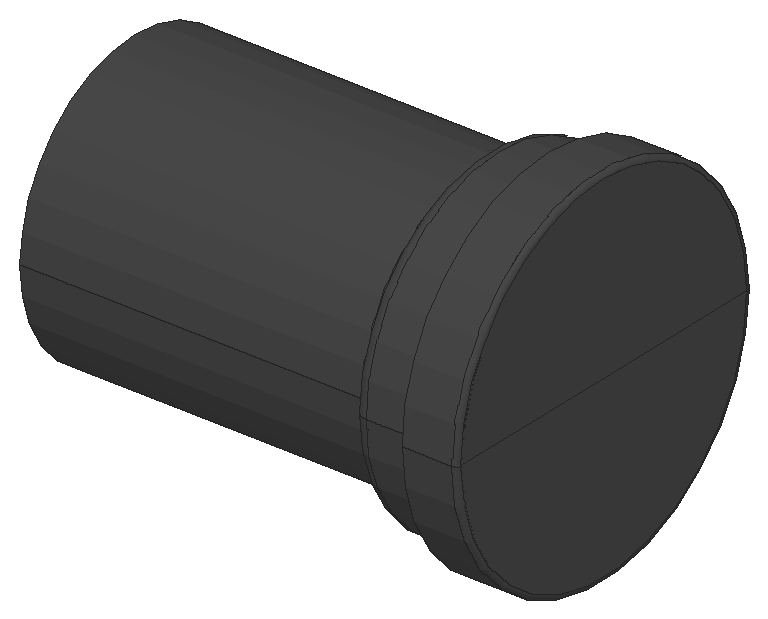
Revit family "PRD_FrankeWS_WCPnCnnctrs_CampusCommunicationPreventer_ZCMPX0001", category Pipe Fittings, Revit 2018
Family settings
  Round Connector Dimension = Use Diameter
  Part Type = Union
  OmniClass Number = 23.60.30.11.14
  OmniClass Title = Pipework Fittings
  Work Plane-Based = No
  Always vertical = No
  Cut with Voids When Loaded = No
  Shared = No
Parameters (values of type "ZCMPX0001")
  WarrantyStartDate [instance] = "1900-12-31T23:59:59"
  WarrantyGuarantorParts = "n/a"
  WarrantyGuarantorLabor = "n/a"
  WarrantyDurationUnit = "year"
  WarrantyDurationParts = "n/a"
  WarrantyDurationLabor = "n/a"
  WarrantyDescription = "n/a"
  Version = "1"
  UnitWeight = 0.52 kg
  Uniclass2015Version = "Products v1.5"
  Uniclass2015Title = "WC pan connectors"
  Uniclass2015Code = "Pr_40_20_93_93"
  URL = "www.kwc.com"
  ThirdPartyProductCertification = "n/a"
  TemperatureRange = "n/a"
  TagNumber [instance] = "n/a"
  SustainabilityPerformance = "n/a"
  SubType = "OTHER"
  Standard = "EN 997, EN 476, DIN 1389"
  Size = "DN 100"
  Shape = "Cylindrical"
  SerialNumber [instance] = "n/a"
  Revision = "n/a"
  ReplacementCost = "n/a"
  ProductInformation = "https://pim.kwc.com/product/2000102705/attachment/datasheet?locale=en"
  PressureRange = "n/a"
  PressureClass = 0.0 Pa
  OuterDiameter = "110"
  NominalWidth = 140.00 mm
  NominalLength = 180.00 mm
  NominalHeight = 140.00 mm
  NominalDiameter = 100.00 mm
  NetWeight = 0.47 kg
  Name = "CAMPUS communication preventer ZCMPX0001"
  NBSTypeID = "n/a"
  NBSReference = "45-35-70/390"
  NBSOfficeMasterTag = "n/a"
  NBSNote = "n/a"
  NBSDescription = "WC pan connectors"
  NBSCertification = "n/a"
  ModelReference = "ZCMPX0001"
  ModelNumber = "2000102705"
  Model = ModelReference  # "ZCMPX0001"
  Material = "PE (weldable)"
  ManufacturerURL = "www.kwc.com"
  ManufacturerName = "KWC Group AG"  # constant formula
  Manufacturer = ManufacturerName  # "KWC Group AG"
  Jointing = "Push fit"
  IntegralAccessories = "n/a"
  InstallationDate [instance] = "1900-12-31T23:59:59"
  InnerDiameter = "102"
  IfcExportType = "NOTDEFINED"
  IfcExportAs = "IfcPipeFittingType"
  GrossWeight = 0.52 kg
  Grade = "n/a"
  FittingLossFactor = 0
  Finish = "n/a"
  Features = "Communication preventer, 140x140x180 mm (WxHxD)"
  ExpectedLife = "n/a"
  EndStyleTreatment = "n/a"
  DurationUnit = "year"
  Description = "Communication preventer for the use in prisons to prevent communication between prison cells using the WC pipework, for connection to WC flushing pipes DN100, material PE (weldable), EN 997 approved, EN 476 approved, DIN 1389 approved."
  Constituents = "n/a"
  CommunicationPreventerMaterial = PRD_AR_PE
  Colour = "n/a"
  Color = "n/a"
  CodePerformance = "n/a"
  Category = "Pr_40_20_93_93, WC pan connectors"
  BarCode [instance] = "n/a"
  BIMObjectName = "PRD_AR_WCPanConnectors_CampusCommunicationPreventer_ZCMPX0001"
  Author = "Archispace"  # constant formula
  AssetType = "Fixed"
  AssetIdentifier [instance] = "n/a"
  Arrangement = "n/a"
  AccessibilityPerformance = "n/a"
Reference planes
  plane 1 "Center (Front/Back)": y = 0
  plane 2: z = 0
  plane 3 "Center (Left/Right)": x = 0
Forms (mm)
  Revolve 1, solid, material "PRD_AR_PE" <- "CommunicationPreventerMaterial", detail levels fine
    sketch origin (0, 0, 0) x (1, 0, 0) y (0, 1, 0)
      loop
        arc (-12.5, -59) -> (-11.036, -62.536) -> (-7.5, -64) r 5
        line (-7.5, -64) -> (11.5, -64) -> (11.5, -70.5) -> (30.5, -70.5)
        arc (30.5, -70.5) -> (31.914, -69.914) -> (32.5, -68.5) r 2
        line (32.5, -68.5) -> (32.5, 0) -> (-147.5, 0) -> (-147.5, -55) -> (-16.5, -55)
        arc (-16.5, -55) -> (-13.672, -56.172) -> (-12.5, -59) r 4
      axis (32.5, 0) -> (-147.5, 0)
    angle from 0 to 360
Lines and regions (mm)
  model lines, detail levels coarse+medium
    curve 1: line (-147.5, 0, 0) -> (0, 0, 0)
Dimensions and locks
  aligned and locked: level to plane 2
Connectors
  piping at (0, 0, 0), diameter 100
    settings: index 1, connector inside diameter 609.6 mm, connector length 0.00 mm, flow factor 0, pipe flow 0.0 L/s, pressure drop 0.0 Pa, fitting loss kfactor 0, connector angle 0.00°, fixture units 0, engagement length 0.00 mm, angle of deflection 0.00°, flow configuration 0, flow direction 0, fitting loss method 0, system type 28, joint type 0, gender type 0, connector reference index 2, connector utility 0, adjustable connector no, is connector primary yes, connector description ""
  piping at (-147.5, 0, 0), diameter 100
    settings: on Revolve 1, index 2, connector inside diameter 609.6 mm, connector length 0.00 mm, flow factor 0, pipe flow 0.0 L/s, pressure drop 0.0 Pa, fitting loss kfactor 0, connector angle 0.00°, fixture units 0, engagement length 0.00 mm, angle of deflection 0.00°, flow configuration 0, flow direction 0, fitting loss method 0, system type 28, joint type 0, gender type 0, connector reference index 1, connector utility 0, adjustable connector no, is connector primary no, connector description ""
